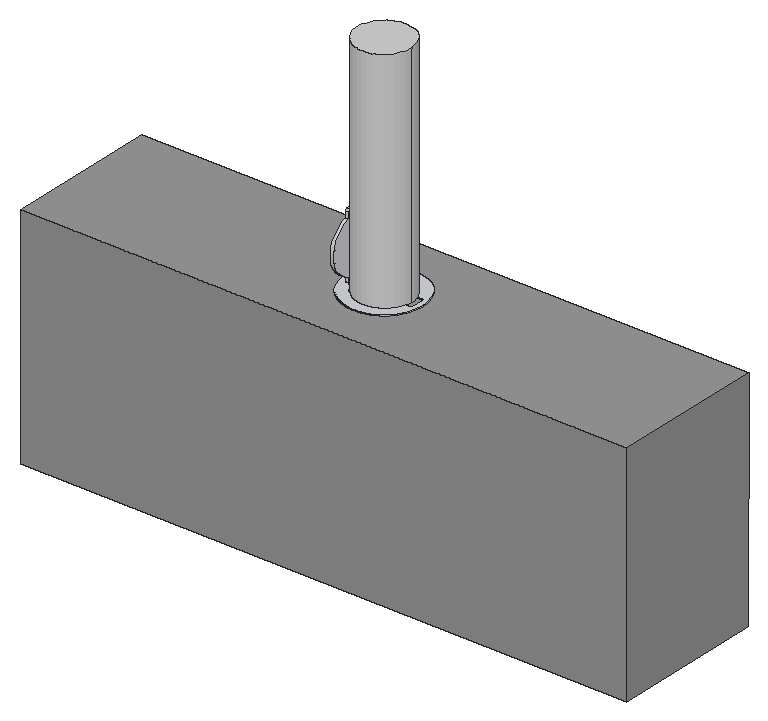
Revit family "Bollard-1_800_Bollards-Low_Speed-Padlock_Removable-CS3", category Site, Revit 2017
Family settings
  Round Connector Dimension = Use Diameter
  Part Type = Normal
  OmniClass Number = 23.15.10.11.21
  OmniClass Title = Traffic Safety Barriers and Protections
  Work Plane-Based = No
  Always vertical = Yes
  Cut with Voids When Loaded = No
  Shared = No
Parameters (values of type "8 in 30 mph")
  URL = "https://1800bollards.com/"
  Type Comments = if([6 in Bollard], "6 in 20 mph Low Speed Crash Tested Bollard", if([8 in Bollard], "8 in 30 mph Low Speed Crash Tested Bollard", "4 in 10 mph Low Speed Crash Tested Bollard"))  # "8 in 30 mph Low Speed Crash Tested Bollard"
  Thickness = if([6 in Bollard], 0' 6 159/256", if([8 in Bollard], 0' 8 159/256", 0' 4 1/2"))  # 0' - 8 159/256"
  Stainless Steel = not(Carbon Steel)  # yes
  Sloped Offset [instance] = if(Sloped, 0' 0", Thickness)  # 0' - 8 159/256"
  Sloped [instance] = no
  Reveal Offset [instance] = if(Reveal, 0' 2 179/256", 0' 0")  # 0' - 0"
  Reveal [instance] = no
  Rebar by others = yes
  Product Page URL = "https://1800bollards.com/20-mph-low-speed-crash-tested-bollards/"
  Product Name = "Low Speed Crash Tested Bollards"  # constant formula
  Product Documentation Link = "https://1800bollards.com/20-mph-low-speed-crash-tested-bollards/"
  Model = "Padlock Removable Low Speed Crash Tested Bollard"  # constant formula
  Manufacturer = "1-800-BOLLARDS"  # constant formula
  Height Below Grade = 1' - 5 1/4"  # constant formula
  Height = 3' - 0"  # constant formula
  Foundation Width = 2' - 0"  # constant formula
  Foundation Length = if([4 in Bollard], 5' 0", 8' 0")  # 8' - 0"
  Foundation Depth = 3' - 0"  # constant formula
  Flat [instance] = not(or(or(Dome, Reveal, Sloped)))  # yes
  Finish = Metal-1_800_Bollards-Stainless_Steel
  Dome Offset [instance] = if(Dome, 0' 0", Dome Height + 0' 1")  # 0' - 3.4887"
  Dome Height = Bollard Radius * tan(30.00°)  # 0' - 2.4887"
  Dome [instance] = no
  Description = if(Carbon Steel, "Carbon Steel Padlock Low Speed Removable Bollard", "Stainless Steel Padlock Low Speed Removable Bollard")  # "Stainless Steel Padlock Low Speed Removable Bollard"
  Concrete by others = yes
  Concrete Finish by others = Concrete, Lightweight
  Carbon Steel = no
  Bollard Radius = Thickness / 2  # 0' - 4.31055"
  Bollard Cap Radius = Bollard Radius + 0' 1 215/256"  # 0' - 6.15039"
  Assembly Code = "G2020400"
  8 in Bollard = yes
  6 in Bollard = no
  4 in Bollard = not(or([6 in Bollard], [8 in Bollard]))  # no
Reference planes (in)
  plane 1 "Center (Front/Back)": y = 0
  plane 2: z = 0
  plane 3 "Center (Left/Right)": x = 0
  plane 4 "Top": z = 36
  plane 5 "Bottom": z = -17.25
  plane 6 "Right": x = 4.31055
  plane 7 "Left": x = -4.31055
  plane 8 "Back": y = 4.31055
  plane 9 "Front": y = -4.31055
Forms (in)
  Extrusion 1, solid, material "Metal-1_800_Bollards-Stainless_Steel" <- "Finish", detail levels medium+fine
    sketch origin (0, 0, 0) x (1, 0, 0) y (0, 1, 0)
      loop
        circle (0, 0) r 4.31055
    from -17.25 to 36
  Extrusion 2, solid, material "Metal-1_800_Bollards-Stainless_Steel" <- "Finish", detail levels coarse
    sketch origin (0, 0, 0) x (1, 0, 0) y (0, 1, 0)
      loop
        line (-4.31055, 4.31055) -> (-4.31055, -4.31055) -> (4.31055, -4.31055) -> (4.31055, 4.31055) -> (-4.31055, 4.31055)
    from -17.25 to 36
  Extrusion 3, void
    sketch origin (0, 0, 0) x (0, 1, 0) y (0, 0, 1)
      loop
        line (-4.31055, 44.62109) -> (4.31055, 38.58454) -> (4.31055, 44.62109) -> (-4.31055, 44.62109)
    from -4.31055 to 4.31055
  Revolve 4, void
    sketch origin (0, 0, 0.125) x (1, 0, 0) y (0, 0, 1)
      loop
        line (4.1567, 37.125) -> (4.1567, 35.875) -> (4.31055, 35.875) -> (4.31055, 37.125) -> (4.1567, 37.125)
      axis (0, 35.875) -> (0, 37.125)
    angle from 0 to 360
  Revolve 5, void
    sketch origin (0, 0, 0) x (1, 0, 0) y (0, 0, 1)
      loop
        line (4.31055, 37) -> (4.31055, 39.4887) -> (0, 39.4887)
        arc (0, 39.4887) -> (2.4887, 38.82185) -> (4.31055, 37) r 4.97739
      axis (0, 39.4887) -> (0, 37)
    angle from 0 to 360
  Extrusion 6, solid, material "Concrete, Lightweight" <- "Concrete Finish by others", visible <- "Concrete by others"
    sketch origin (0, 0, 0) x (0, 1, 0) y (0, 0, 1)
      loop
        line (12, 0) -> (-12, 0) -> (-12, -36) -> (12, -36) -> (12, 0)
    from -48 to 48
Cuts and joins
  Extrusion 3, Revolve 4, Revolve 5 cuts Extrusion 1
Dimensions and locks (in)
  "Height": plane 4 "Top" to level
  "Height Below Grade": level to plane 5 "Bottom"
  "Thickness": plane 7 "Left" to plane 6 "Right"
  "Thickness": plane 9 "Front" to plane 8 "Back"
  equal spacing: plane 9 "Front", plane 1 "Center (Front/Back)", plane 8 "Back"
  equal spacing: plane 7 "Left", plane 3 "Center (Left/Right)", plane 6 "Right"
  "Sloped Offset": Extrusion 3 sketch curve to plane 4 "Top"
  plane 6 "Right" to Revolve 4 sketch curve to Revolve 4 sketch curve = 0' - 0" locked, 0' - 0.15385" locked
  "Reveal Offset": plane 4 "Top" to Revolve 4 sketch curve
  locked: Revolve 4 sketch curve to Revolve 4 sketch curve at 1.25
  "Dome Offset": Revolve 5 sketch curve to plane 4 "Top"
  "Dome Height": Revolve 5 sketch curve to Revolve 5 sketch curve
  "Foundation Depth": Extrusion 6 to level
  "Foundation Width": Extrusion 6 to Extrusion 6
  equal spacing: Extrusion 6, plane 1 "Center (Front/Back)", Extrusion 6
  equal spacing: Extrusion 6, plane 3 "Center (Left/Right)", Extrusion 6
  "Foundation Length": Extrusion 6 to Extrusion 6
  locked: plane 1 "Center (Front/Back)" to nested 3 at 12
  locked: plane 3 "Center (Left/Right)" to Extrusion 1 sketch curve at 0
  locked: plane 1 "Center (Front/Back)" to Extrusion 1 sketch curve at 0
  "Bollard Radius": radius of Extrusion 1 sketch curve
  locked: Extrusion 3 sketch curve to plane 4 "Top" (angle 35.00°)
  aligned and locked: plane 2 to level
  aligned and locked: plane 4 "Top" to Extrusion 1
  aligned and locked: plane 8 "Back" to Extrusion 2 sketch curve
  aligned and locked: plane 7 "Left" to Extrusion 2 sketch curve
  aligned and locked: Extrusion 2 sketch curve to plane 9 "Front"
  aligned and locked: Extrusion 2 sketch curve to plane 6 "Right"
  aligned and locked: plane 4 "Top" to Extrusion 2
  aligned and locked: Revolve 4 sketch curve to plane 3 "Center (Left/Right)"
  aligned and locked: plane 6 "Right" to Revolve 5 sketch curve
  aligned and locked: plane 3 "Center (Left/Right)" to Revolve 5 sketch curve
  aligned and locked: plane 5 "Bottom" to Extrusion 1
  aligned and locked: plane 6 "Right" to Extrusion 3
  aligned and locked: Extrusion 3 to plane 7 "Left"
  aligned and locked: Extrusion 3 sketch curve to plane 8 "Back"
  aligned and locked: plane 9 "Front" to Extrusion 3 sketch curve
  aligned and locked: plane 5 "Bottom" to Extrusion 2
  aligned and locked: nested 2 to plane 1 "Center (Front/Back)"
  aligned and locked: nested 2 to level
  aligned and locked: nested 1 to level
  aligned and locked: nested 2 to Extrusion 6 sketch curve
  aligned and locked: plane 3 "Center (Left/Right)" to nested 3
  aligned and locked: nested 4 to level
  aligned and locked: plane 3 "Center (Left/Right)" to nested 4
  aligned and locked: plane 1 "Center (Front/Back)" to nested 4
Automatic sketch dimensions
  plane 9 "Front" to Extrusion 6 sketch curve = 0' - 7.68945"
  Extrusion 6 sketch curve to plane 8 "Back" = 0' - 7.68945"
  plane 5 "Bottom" to Extrusion 6 sketch curve = 1' - 6 3/4"
  Revolve 4 sketch curve to plane 4 "Top" = 0' - 0.67477"
  Revolve 4 sketch curve to Revolve 4 sketch curve = 0' - 0.45023"
  Revolve 5 sketch curve to plane 3 "Center (Left/Right)" = 0' - 0"
  Revolve 5 sketch curve to Revolve 5 sketch curve = 0' - 0.90788"
  Revolve 5 sketch curve to Revolve 5 sketch curve = 0' - 0 5/8"
Nested families (in)
  nested 1: "Nested-1_800_Bollards-Low_Speed-Removable-Mounting_Detail" at (0, 0, 0) x (1, 0, 0) z (0, -1, 0), type "Mounting Detail Front View"
  nested 2: "Nested-1_800_Bollards-Low_Speed-Removable-Mounting_Detail" at (0, 0, 0) x (0, 1, 0) z (1, 0, 0), type "Mounting Detail Side View"
  nested 3: "Nested-1_800_Bollards-Low_Speed-Mounting_Detail_Top" at (0, 12, 0), type "Bollard Top View"
  nested 4: "Nested-1-800-Bollards-Cover" at (-4.56836, 0, 0), type "Cover"
    with Bollard Radius 0' - 4.31055", Bollard Insert 0' - 4.56836", Bollard Cap Radius 0' - 6.15039"
Definition of nested family "Nested-1-800-Bollards-Cover"
  Parameters (values of type "Cover")
    URL = "https://1800bollards.com/"
    Type Comments = "For use with 1-800-Bollards Models Only"  # constant formula
    Padlock = yes
    Model = "Cover"  # constant formula
    Manufacturer = "1-800-Bollards"  # constant formula
    Finish = none
    Description = "Removable Hole Cover"  # constant formula
    Bollard Radius = 0' - 3.31055"
    Bollard Insert = Bollard Radius + 0' 0 33/128"  # 0' - 3.56836"
    Bollard Cap Radius = Bollard Radius + 0' 1 215/256"  # 0' - 5.15039"
  Reference planes (in)
    plane 1 "Center (Front/Back)": y = 0
    plane 2: z = 0
    plane 3 "Center (Left/Right)": x = 0
    plane 4 "Insert": x = 3.56836
  Forms (in)
    Extrusion 1, solid, material <- "Finish", detail levels medium+fine
      sketch origin (6.51405, -0.00005, 0) x (0, 1, 0) y (0, 0, 1)
        loop
          arc (1.21383, 0.94738) -> (3.32048, 4.03127) -> (1.21383, 7.11515) r 3.31055
          line (1.21383, 7.11515) -> (1.21383, 8.08128)
          arc (1.21383, 8.08128) -> (1.14567, 8.24583) -> (0.98112, 8.31399) r 0.23271
          line (0.98112, 8.31399) -> (-0.98101, 8.31399)
          arc (-0.98101, 8.31399) -> (-1.14556, 8.24583) -> (-1.21372, 8.08128) r 0.23271
          line (-1.21372, 8.08128) -> (-1.21372, 7.11515)
          arc (-1.21372, 7.11515) -> (-3.32037, 4.03127) -> (-1.21372, 0.94738) r 3.31055
          line (-1.21372, 0.94738) -> (-1.21372, 0) -> (1.21383, 0) -> (1.21383, 0.94738)
      from -7.02854 to -6.51405
    Revolve 2, solid, material <- "Finish", visible <- "Padlock", detail levels fine
      sketch origin (-0.51449, -0.00207, -0.00238) x (0, 1, 0) y (0, 0, 1)
        loop
          arc (-0.47364, 7.6877) -> (-0.62902, 7.53232) -> (-0.47364, 7.37694) r 0.15538
          line (-0.47364, 7.37694) -> (-0.35666, 7.37694) -> (-0.35666, 7.6877) -> (-0.47364, 7.6877)
        axis (0, 7.6877) -> (0, 7.37694)
      angle from 0 to 180
    Extrusion 3, solid, material <- "Finish", detail levels coarse
      sketch origin (0, 0, 0) x (1, 0, 0) y (0, 1, 0)
        loop
          line (-1.57848, 5.15039) -> (-1.57848, -5.15039) -> (8.66717, -5.15039) -> (8.66717, 5.15039) -> (-1.57848, 5.15039)
        loop
          line (0.25781, 3.31055) -> (0.25781, -3.31055) -> (6.87891, -3.31055) -> (6.87891, 3.31055) -> (0.25781, 3.31055)
      from 0 to 0.09354
    Extrusion 4, solid, material <- "Finish", detail levels medium+fine
      sketch origin (0, 0, 0) x (1, 0, 0) y (0, 1, 0)
        loop
          circle (3.51678, 0) r 5.15039
        loop
          line (7.56679, 1.22365) -> (6.70382, 1.22365)
          arc (6.70382, 1.22365) -> (3.56836, 3.47184) -> (0.4329, 1.22365) r 3.31055
          line (0.4329, 1.22365) -> (-0.51449, 1.22365) -> (-0.51449, -1.2039) -> (0.42628, -1.2039)
          arc (0.42628, -1.2039) -> (3.56836, -3.47184) -> (6.71044, -1.2039) r 3.31055
          line (6.71044, -1.2039) -> (7.56679, -1.2039)
          arc (7.56679, -1.2039) -> (7.73135, -1.13574) -> (7.7995, -0.97119) r 0.23271
          line (7.7995, -0.97119) -> (7.7995, 0.99094)
          arc (7.7995, 0.99094) -> (7.73135, 1.15549) -> (7.56679, 1.22365) r 0.23271
      from 0 to 0.09354
  Dimensions and locks (in)
    Extrusion 1 sketch curve to Extrusion 1 sketch curve to Extrusion 1 sketch curve = 0' - 0" locked, 0' - 1.19884" locked
    Extrusion 1 sketch curve to Extrusion 1 sketch curve to Extrusion 1 sketch curve to level = 0' - 0" locked, 0' - 0.94738" locked, 0' - 0" locked
    Extrusion 1 sketch curve to Extrusion 1 sketch curve to plane 1 "Center (Front/Back)" to Extrusion 1 sketch curve to Extrusion 1 sketch curve = 0' - 0" locked, 0' - 1.21377" locked, 0' - 1.21377" locked, 0' - 0" locked
    Extrusion 1 to Extrusion 1 = 0' - 0.51449"
    plane 1 "Center (Front/Back)" to Revolve 2 sketch curve to Revolve 2 sketch curve = 0' - 0.35873" locked, 0' - 0.27236" locked
    Extrusion 1 to Revolve 2 sketch curve to Revolve 2 sketch curve = 0' - 0.62867" locked, 0' - 0.31076" locked
    Extrusion 4 sketch curve to Extrusion 4 sketch curve to plane 1 "Center (Front/Back)" to Extrusion 4 sketch curve to Extrusion 4 sketch curve = 0' - 0" locked, 0' - 1.2039" locked, 0' - 1.22365" locked, 0' - 0" locked
    Extrusion 4 sketch curve to plane 3 "Center (Left/Right)" to Extrusion 4 sketch curve = 0' - 0.51449" locked, 0' - 0.4329" locked
    "Bollard Cap Radius": plane 1 "Center (Front/Back)" to Extrusion 3 sketch curve  (x2)
    locked: Extrusion 3 sketch curve to Extrusion 4
    locked: Extrusion 3 sketch curve to plane 3 "Center (Left/Right)" at 1.57848
    Extrusion 4 sketch curve to Extrusion 4 sketch curve to Extrusion 4 sketch curve = 0' - 0.00662" locked, 0' - 1.08906" locked
    "Bollard Insert": plane 3 "Center (Left/Right)" to plane 4 "Insert"
    "Bollard Radius": Extrusion 3 sketch curve to plane 4 "Insert"
    "Bollard Radius": plane 4 "Insert" to Extrusion 3 sketch curve
    "Bollard Radius": plane 1 "Center (Front/Back)" to Extrusion 3 sketch curve
    "Bollard Radius": Extrusion 3 sketch curve to plane 1 "Center (Front/Back)"
    Extrusion 3 to Extrusion 4 to level = 0' - 0" locked, 0' - 0.09354" locked
    locked: Extrusion 1 to plane 3 "Center (Left/Right)" at 0.51449
    "Bollard Radius": radius of Extrusion 1 sketch curve  (x2)
    "Bollard Radius": radius of Extrusion 4 sketch curve
    "Bollard Cap Radius": radius of Extrusion 4 sketch curve
    aligned and locked: plane 2 to level
    aligned and locked: Extrusion 3 to level
    aligned and locked: Extrusion 4 to level
    aligned and locked: plane 3 "Center (Left/Right)" to Extrusion 1
  Automatic sketch dimensions
    Revolve 2 sketch curve to Extrusion 1 = 0' - 0.38736"
    Revolve 2 sketch curve to Revolve 2 sketch curve = 0' - 0.35666"
    Revolve 2 sketch curve to Revolve 2 sketch curve = 0' - 2.83349"
    Extrusion 1 sketch curve to Extrusion 1 sketch curve = 0' - 0.23271"  (x2)
    plane 1 "Center (Front/Back)" to Extrusion 1 sketch curve = 0' - 0.00987"
    plane 1 "Center (Front/Back)" to Extrusion 4 sketch curve = 0' - 0"
    Extrusion 4 sketch curve to plane 4 "Insert" = 0' - 0"  (x2)
    Extrusion 4 sketch curve to plane 4 "Insert" = 0' - 0.05158"
    Extrusion 4 sketch curve to Extrusion 4 sketch curve = 0' - 0.23271"  (x2)
    plane 1 "Center (Front/Back)" to Extrusion 4 sketch curve = 0' - 0.16129"
Definition of nested family "Nested-1_800_Bollards-Low_Speed-Removable-Mounting_Detail"
  Parameters (values of type "Mounting Detail Side View")
    Width = 2' - 0"
    Warranty = ""
    URL = "https://1800bollards.com/"
    Type Comments = "For use with 1-800-Bollards Models Only"  # constant formula
    Side View Rebar 8 in Bollard = and(and(Side View Rebar, Bollard Width > 0' 7", Rebar by others))  # yes
    Side View Rebar = and(Side View, Rebar by others)  # yes
    Side View = yes
    Rebar by others = yes
    Rebar Spacing = if(Width > 5' 0", 1' 0", 0' 10")  # 0' - 10"
    Rebar Half Quantity = if(Width > 5' 0", 4, 3)  # 3
    Product Page URL = "https://1800bollards.com/20-mph-low-speed-crash-tested-bollards/"
    Product Name = "Low Speed Crash Tested Bollards"  # constant formula
    Product Documentation Link = "https://1800bollards.com/20-mph-low-speed-crash-tested-bollards/"
    Model = "Padlock Removable Bollard Mounting Detail"  # constant formula
    Manufacturer = "1-800-BOLLARDS"  # constant formula
    Lid Height = Bollard Width + 0' 1 233/256"  # 0' - 10 17/32"
    Lid Depth = Bollard Width + 0' 8 9/128"  # 1' - 4 177/256"
    Front View Rebar 8 in Bollard = and(and(Front View Rebar, Bollard Width > 0' 7", Rebar by others))  # no
    Front View Rebar = and(Front View, Rebar by others)  # no
    Front View = not(Side View)  # no
    Description = "Low Speed Padlock Removable Bollard"  # constant formula
    Depth = 3' - 0"
    Concrete by others = yes
    Center Spacing = 0' - 8.17511"
    Bollard Width = 0' - 8 159/256"
    Bollard Radius = Bollard Width / 2  # 0' - 4.31055"
    Bollard Depth = 1' - 5 1/4"
  Types (2): name | Width | Side View Rebar 8 in Bollard | Side View Rebar | Side View | Rebar Spacing | Rebar Half Quantity | Front View Rebar 8 in Bollard | Front View Rebar | Front View
    Mounting Detail Front View | 8' - 0" | no | no | no | 1' - 0" | 4 | yes | yes | yes
    Mounting Detail Side View | 2' - 0" | yes | yes | yes | 0' - 10" | 3 | no | no | no
  Reference planes (in)
    plane 1 "Top": y = 0
    plane 2: z = 0
    plane 3 "Center (Left/Right)": x = 0
    plane 4 "Bottom": y = -36
    plane 5 "Left": x = -12
    plane 6 "Right": x = 12
  Lines and regions (in)
    Filled region 1, type "Concrete", in view "Ref. Level", visible <- "Concrete by others", detail levels medium+fine
      outline origin (0, 0, 0) x (1, 0, 0) y (0, 1, 0)
        loop
          line (-12, 0) -> (-12, -36) -> (12, -36) -> (12, 0) -> (-12, 0)
    Masking region 1, in view "Ref. Level", visible <- "Concrete by others", detail levels coarse
      outline origin (0, 0, 0) x (1, 0, 0) y (0, 1, 0)
        loop
          line (-12, 0) -> (-12, -36) -> (12, -36) -> (12, 0) -> (-12, 0)
    Masking region 2, in view "Ref. Level", visible <- "Front View Rebar", detail levels fine
      outline origin (-10.5, -10.23741, 0) x (-1, 0, 0) y (0, -1, 0)
        loop
          line (-19.46125, -6.98) -> (-19.46125, -7.48) -> (-0.96125, -7.48) -> (-0.96125, -6.98) -> (-19.46125, -6.98)
        loop
          line (-0.96125, 22.5) -> (-0.96125, 23) -> (-19.46125, 23) -> (-19.46125, 22.5) -> (-0.96125, 22.5)
        loop
          line (-19.46125, -5.74) -> (-19.46125, -6.24) -> (-0.96125, -6.24) -> (-0.96125, -5.74) -> (-19.46125, -5.74)
        loop
          line (-19.46125, 3.26) -> (-19.46125, 2.76) -> (-0.96125, 2.76) -> (-0.96125, 3.26) -> (-19.46125, 3.26)
        loop
          line (-19.46125, 12.26) -> (-19.46125, 11.76) -> (-0.96125, 11.76) -> (-0.96125, 12.26) -> (-19.46125, 12.26)
        loop
          line (-19.46125, 21.26) -> (-19.46125, 20.76) -> (-0.96125, 20.76) -> (-0.96125, 21.26) -> (-19.46125, 21.26)
    Masking region 3, in view "Ref. Level", visible <- "Side View", detail levels fine
      outline origin (41.63405, -6.88802, 0) x (1, 0, 0) y (0, 1, 0)
        loop
          line (-42.84777, 17.07956) -> (-42.84777, 16.11343)
          arc (-42.84777, 16.11343) -> (-45.95442, 11.97442) -> (-42.84777, 7.8354) r 4.31055
          line (-42.84777, 7.8354) -> (-42.84777, 6.88802) -> (-40.42022, 6.88802) -> (-40.42022, 7.8354)
          arc (-40.42022, 7.8354) -> (-37.31357, 11.97442) -> (-40.42022, 16.11343) r 4.31055
          line (-40.42022, 16.11343) -> (-40.42022, 17.07956)
          arc (-40.42022, 17.07956) -> (-40.48838, 17.24411) -> (-40.65293, 17.31227) r 0.23271
          line (-40.65293, 17.31227) -> (-42.61506, 17.31227)
          arc (-42.61506, 17.31227) -> (-42.77961, 17.24411) -> (-42.84777, 17.07956) r 0.23271
    Masking region 4, in view "Ref. Level", visible <- "Front View", detail levels fine
      outline origin (42.50143, -5.42558, 0) x (1, 0, 0) y (0, 1, 0)
        loop
          line (-50.84713, 5.10016) -> (-44.07028, 5.10016) -> (-44.07028, 4.15277) -> (-40.93258, 4.15277) -> (-40.93258, 5.10016) -> (-34.15573, 5.10016) -> (-34.15573, 5.42558) -> (-50.84713, 5.42558) -> (-50.84713, 5.10016)
    Masking region 5, in view "Ref. Level", visible <- "Side View", detail levels fine
      outline origin (18.69205, -3.74323, 0) x (1, 0, 0) y (0, 1, 0)
        loop
          line (-27.03775, 3.21883) -> (-25.35993, 3.21883) -> (-25.35993, 1.69217) -> (-23.88748, 1.69217) -> (-23.88748, 3.21883) -> (-10.34635, 3.21883) -> (-10.34635, 3.74323) -> (-27.03775, 3.74323) -> (-27.03775, 3.21883)
    Masking region 6, in view "Ref. Level", visible <- "Front View Rebar", detail levels fine
      outline origin (19.19753, -54.75767, 0) x (1, 0, 0) y (0, 1, 0)
        loop
          line (-28.20993, 21.02026) -> (-27.70993, 21.02026) -> (-27.70993, 52.13962) -> (-27.62264, 52.13962) -> (-27.62264, 21.02026) -> (-27.37264, 21.02026) -> (-27.12264, 21.02026) -> (-27.12264, 52.49602) -> (-28.20993, 52.49602) -> (-28.20993, 21.02026)
    Masking region 7, in view "Ref. Level", visible <- "Front View Rebar", detail levels fine
      outline origin (36.13503, -54.75767, 0) x (1, 0, 0) y (0, 1, 0)
        loop
          line (-28.79721, 21.02026) -> (-28.29721, 21.02026) -> (-28.29721, 52.13962) -> (-28.20993, 52.13962) -> (-28.20993, 21.02026) -> (-27.95993, 21.02026) -> (-27.70993, 21.02026) -> (-27.70993, 52.49602) -> (-28.79721, 52.49602) -> (-28.79721, 21.02026)
    Masking region 8, in view "Ref. Level", visible <- "Front View Rebar", detail levels fine
      outline origin (36.13503, -54.75767, 0) x (1, 0, 0) y (0, 1, 0)
        loop
          line (-18.79721, 21.02026) -> (-18.29721, 21.02026) -> (-18.29721, 52.13962) -> (-18.20993, 52.13962) -> (-18.20993, 21.02026) -> (-17.95993, 21.02026) -> (-17.70993, 21.02026) -> (-17.70993, 52.49602) -> (-18.79721, 52.49602) -> (-18.79721, 21.02026)
    Masking region 9, in view "Ref. Level", visible <- "Front View Rebar", detail levels fine
      outline origin (36.13503, -54.75767, 0) x (1, 0, 0) y (0, 1, 0)
        loop
          line (-8.79721, 21.02026) -> (-8.29721, 21.02026) -> (-8.29721, 52.13962) -> (-8.20993, 52.13962) -> (-8.20993, 21.02026) -> (-7.95993, 21.02026) -> (-7.70993, 21.02026) -> (-7.70993, 52.49602) -> (-8.79721, 52.49602) -> (-8.79721, 21.02026)
    Masking region 10, in view "Ref. Level", visible <- "Front View Rebar", detail levels fine
      outline origin (19.19753, -54.75767, 0) x (1, 0, 0) y (0, 1, 0)
        loop
          line (-38.20993, 21.02026) -> (-37.70993, 21.02026) -> (-37.70993, 52.13962) -> (-37.62264, 52.13962) -> (-37.62264, 21.02026) -> (-37.37264, 21.02026) -> (-37.12264, 21.02026) -> (-37.12264, 52.49602) -> (-38.20993, 52.49602) -> (-38.20993, 21.02026)
    Masking region 11, in view "Ref. Level", visible <- "Front View Rebar", detail levels fine
      outline origin (19.19753, -54.75767, 0) x (1, 0, 0) y (0, 1, 0)
        loop
          line (-48.20993, 21.02026) -> (-47.70993, 21.02026) -> (-47.70993, 52.13962) -> (-47.62264, 52.13962) -> (-47.62264, 21.02026) -> (-47.37264, 21.02026) -> (-47.12264, 21.02026) -> (-47.12264, 52.49602) -> (-48.20993, 52.49602) -> (-48.20993, 21.02026)
    Masking region 12, in view "Ref. Level", visible <- "Front View Rebar", detail levels fine
      outline origin (-122.73384, 0, 0) x (1, 0, 0) y (0, 1, 0)
        loop
          line (93.00623, -4.74) -> (93.00623, -5.24) -> (151.91894, -5.24) -> (151.91894, -4.74) -> (93.00623, -4.74)
        loop
          line (93.00623, -7.74) -> (93.00623, -8.24) -> (151.91894, -8.24) -> (151.91894, -7.74) -> (93.00623, -7.74)
        loop
          line (93.00623, -9.74) -> (93.00623, -10.24) -> (151.91894, -10.24) -> (151.91894, -9.74) -> (93.00623, -9.74)
        loop
          line (93.00623, -12.74) -> (93.00623, -13.24) -> (151.91894, -13.24) -> (151.91894, -12.74) -> (93.00623, -12.74)
    Masking region 13, in view "Ref. Level", visible <- "Front View Rebar 8 in Bollard", detail levels fine
      outline origin (-122.73384, -3, 0) x (1, 0, 0) y (0, 1, 0)
        loop
          line (93.00623, -12.74) -> (93.00623, -13.24) -> (151.91894, -13.24) -> (151.91894, -12.74) -> (93.00623, -12.74)
    Masking region 14, in view "Ref. Level", visible <- "Side View Rebar", detail levels fine
      outline origin (0, 0, 0) x (1, 0, 0) y (0, 1, 0)
        loop
          line (6.99, -1.5) -> (-7.01, -1.5)
          arc (-7.01, -1.5) -> (-8.42421, -2.08579) -> (-9.01, -3.5) r 2
          line (-9.01, -3.5) -> (-9.01, -31)
          arc (-9.01, -31) -> (-8.42421, -32.41421) -> (-7.01, -33) r 2
          line (-7.01, -33) -> (6.99, -33)
          arc (6.99, -33) -> (8.40421, -32.41421) -> (8.99, -31) r 2
          line (8.99, -31) -> (8.99, -3.5)
          arc (8.99, -3.5) -> (8.40421, -2.08579) -> (6.99, -1.5) r 2
        loop
          arc (-7.01, -2) -> (-8.07066, -2.43934) -> (-8.51, -3.5) r 1.5
          line (-8.51, -3.5) -> (-8.51, -31)
          arc (-8.51, -31) -> (-8.07066, -32.06066) -> (-7.01, -32.5) r 1.5
          line (-7.01, -32.5) -> (6.99, -32.5)
          arc (6.99, -32.5) -> (8.05066, -32.06066) -> (8.49, -31) r 1.5
          line (8.49, -31) -> (8.49, -3.5)
          arc (8.49, -3.5) -> (8.05066, -2.43934) -> (6.99, -2) r 1.5
          line (6.99, -2) -> (-7.01, -2)
    Masking region 15, in view "Ref. Level", visible <- "Side View Rebar", detail levels fine
      outline origin (-153.00217, -89.31846, 0) x (1, 0, 0) y (0, 1, 0)
        loop
          line (144.26217, 84.55846) -> (144.26217, 84.05846) -> (159.00217, 84.05846) -> (159.00217, 84.55846) -> (144.26217, 84.55846)
        loop
          line (144.26217, 81.55846) -> (144.26217, 81.05846) -> (159.00217, 81.05846) -> (159.00217, 81.55846) -> (144.26217, 81.55846)
        loop
          line (147.00043, 79.55846) -> (147.00043, 79.05846) -> (161.76217, 79.05846) -> (161.76217, 79.55846) -> (147.00043, 79.55846)
        loop
          line (147.00043, 76.55846) -> (147.00043, 76.05846) -> (161.76217, 76.05846) -> (161.76217, 76.55846) -> (147.00043, 76.55846)
    Masking region 16, in view "Ref. Level", visible <- "Side View Rebar 8 in Bollard", detail levels fine
      outline origin (-153.00217, -89.31846, 0) x (1, 0, 0) y (0, 1, 0)
        loop
          line (147.00043, 73.55846) -> (147.00043, 73.05846) -> (161.76217, 73.05846) -> (161.76217, 73.55846) -> (147.00043, 73.55846)
    Masking region 17, in view "Ref. Level", visible <- "Side View Rebar", detail levels fine
      outline origin (0, 0, 0) x (1, 0, 0) y (0, 1, 0)
        loop
          line (-5.5, -1.76) -> (-5.5, -32.76) -> (-5, -32.76) -> (-5, -1.76) -> (-5.5, -1.76)
        loop
          line (5, -1.76) -> (5, -32.76) -> (5.5, -32.76) -> (5.5, -1.76) -> (5, -1.76)
    Masking region 18, in view "Ref. Level", detail levels medium+fine
      outline origin (0, 0, 0) x (1, 0, 0) y (0, 1, 0)
        loop
          line (-1.01, -35.86) -> (0.99, -35.86) -> (0.99, -17.25) -> (-1.01, -17.25) -> (-1.01, -35.86)
    Masking region 19, in view "Ref. Level", detail levels medium+fine
      outline origin (0, 0, 0) x (1, 0, 0) y (0, 1, 0)
        loop
          line (-4.5918, 0) -> (-4.5918, -17.25) -> (4.5918, -17.25) -> (4.5918, 0) -> (-4.5918, 0)
    Masking region 20, in view "Ref. Level", visible <- "Side View", detail levels fine
      outline origin (41.63405, -4.54427, 0) x (1, 0, 0) y (0, 1, 0)
        loop
          line (-42.10769, 13.4988) -> (-42.10769, 12.24087) -> (-41.1603, 12.24087) -> (-41.1603, 13.4988) -> (-41.47128, 13.4988) -> (-41.47128, 14.03147) -> (-41.1603, 14.03147)
          arc (-41.1603, 14.03147) -> (-41.00492, 14.18685) -> (-41.1603, 14.34223) r 0.15538
          line (-41.1603, 14.34223) -> (-41.47128, 14.34223) -> (-41.47128, 14.59412)
          arc (-41.47128, 14.59412) -> (-41.634, 14.75683) -> (-41.79671, 14.59412) r 0.16271
          line (-41.79671, 14.59412) -> (-41.79671, 14.34223) -> (-42.10769, 14.34223)
          arc (-42.10769, 14.34223) -> (-42.26307, 14.18685) -> (-42.10769, 14.03147) r 0.15538
          line (-42.10769, 14.03147) -> (-41.79671, 14.03147) -> (-41.79671, 13.4988) -> (-42.10769, 13.4988)
    Masking region 21, in view "Ref. Level", visible <- "Front View", detail levels fine
      outline origin (-44.2741, 10.32985, 0) x (1, 0, 0) y (0, 1, 0)
        loop
          line (37.29143, -10.32985) -> (37.79003, -10.32985) -> (39.96356, 0.2014) -> (39.50007, 0.2014) -> (39.33958, -0.56447) -> (38.48323, -0.56447) -> (38.48323, -0.9158) -> (39.26596, -0.9158) -> (37.29143, -10.32985)
    detail lines, in view "Ref. Level", detail levels medium+fine
      curve 1: line (-4.31055, 0, 0) -> (-4.31055, -17.25, 0)
      curve 2: line (4.31055, -17.25, 0) -> (4.31055, 0, 0)
  Dimensions and locks (in)
    "Depth": plane 4 "Bottom" to plane 1 "Top"
    "Width": plane 5 "Left" to plane 6 "Right"
    equal spacing: plane 5 "Left", plane 3 "Center (Left/Right)", plane 6 "Right"
    equal spacing: curve 1, plane 3 "Center (Left/Right)", curve 2
    "Bollard Width": curve 1 to curve 2
    plane 1 "Top" to Masking region 2 sketch curve to Masking region 2 sketch curve to Masking region 2 sketch curve to Masking region 2 sketch curve to Masking region 2 sketch curve to Masking region 2 sketch curve to Masking region 2 sketch curve to Masking region 2 sketch curve to Masking region 2 sketch curve to Masking region 2 sketch curve to Masking region 2 sketch curve to Masking region 2 sketch curve = 0' - 2.75741" locked, 0' - 0 1/2" locked, 0' - 0.74" locked, 0' - 0 1/2" locked, 0' - 8 1/2" locked, 0' - 0 1/2" locked, 0' - 8 1/2" locked, 0' - 0 1/2" locked, 0' - 8 1/2" locked, 0' - 0 1/2" locked, 0' - 1.24" locked, 0' - 0 1/2" locked
    plane 5 "Left" to Masking region 2 sketch curve to Masking region 2 sketch curve to Masking region 2 sketch curve to Masking region 2 sketch curve to Masking region 2 sketch curve to Masking region 2 sketch curve = 0' - 2.46125" locked, 0' - 0" locked, 0' - 0" locked, 0' - 0" locked, 0' - 0" locked, 0' - 0" locked
    Masking region 2 sketch curve to Masking region 2 sketch curve to Masking region 2 sketch curve to Masking region 2 sketch curve to Masking region 2 sketch curve to Masking region 2 sketch curve to plane 6 "Right" = 0' - 0" locked, 0' - 0" locked, 0' - 0" locked, 0' - 0" locked, 0' - 0" locked, 0' - 3.03875" locked
    Masking region 5 sketch curve to Masking region 5 sketch curve to Masking region 5 sketch curve = 0' - 1.67782", 0' - 1.47245" locked
    Masking region 5 sketch curve to Masking region 5 sketch curve to Masking region 5 sketch curve to plane 1 "Top" to Masking region 5 sketch curve = 0' - 1.52666" locked, 0' - 0" locked, 0' - 0.5244" locked, 0' - 0" locked
    Masking region 3 sketch curve to Masking region 3 sketch curve to plane 3 "Center (Left/Right)" to Masking region 3 sketch curve to Masking region 3 sketch curve = 0' - 0" locked, 0' - 1.21372" locked, 0' - 1.21383" locked, 0' - 0" locked
    Masking region 3 sketch curve to plane 1 "Top" to Masking region 3 sketch curve to Masking region 3 sketch curve = 0' - 0" locked, 0' - 0.94738" locked, 0' - 0" locked
    Masking region 3 sketch curve to Masking region 3 sketch curve to Masking region 3 sketch curve = 0' - 1.19884" locked, 0' - 0" locked
    "Lid Depth": Masking region 4 sketch curve to Masking region 4 sketch curve
    Masking region 4 sketch curve to plane 3 "Center (Left/Right)" to Masking region 4 sketch curve = 0' - 1.56885" locked, 0' - 1.56885" locked
    Masking region 4 sketch curve to Masking region 4 sketch curve to plane 1 "Top" to Masking region 4 sketch curve = 0' - 0.94738" locked, 0' - 0.32542" locked, 0' - 0" locked
    "Lid Depth": Masking region 5 sketch curve to Masking region 5 sketch curve
    equal spacing: Masking region 5 sketch curve, plane 3 "Center (Left/Right)", Masking region 5 sketch curve
    equal spacing: Masking region 4 sketch curve, plane 3 "Center (Left/Right)", Masking region 4 sketch curve
    equal spacing: group 1, group 2, group 3  (x3)
    equal spacing: group 6, group 5, group 4
    equal spacing: group 4, group 5, group 6  (x2)
    "Center Spacing": Masking region 6 to plane 3 "Center (Left/Right)"
    "Rebar Spacing": Masking region 6 to Masking region 10
    "Center Spacing": plane 3 "Center (Left/Right)" to Masking region 7
    "Rebar Spacing": Masking region 8 to Masking region 7
    Masking region 7 sketch curve to Masking region 7 sketch curve to Masking region 7 sketch curve to Masking region 7 sketch curve = 0' - 0 1/2" locked, 0' - 0.08728" locked, 0' - 0 1/2" locked
    Masking region 7 sketch curve to Masking region 7 sketch curve to Masking region 7 sketch curve to Masking region 7 sketch curve = 0' - 0" locked, 2' - 7.11936" locked, 0' - 0.35641" locked
    Masking region 8 sketch curve to Masking region 8 sketch curve to Masking region 8 sketch curve to Masking region 8 sketch curve = 0' - 0 1/2" locked, 0' - 0.08728" locked, 0' - 0 1/2" locked
    Masking region 8 sketch curve to Masking region 8 sketch curve to Masking region 8 sketch curve to Masking region 8 sketch curve = 0' - 0" locked, 2' - 7.11936" locked, 0' - 0.35641" locked
    Masking region 9 sketch curve to Masking region 9 sketch curve to Masking region 9 sketch curve to Masking region 9 sketch curve = 0' - 0 1/2" locked, 0' - 0.08728" locked, 0' - 0 1/2" locked
    Masking region 9 sketch curve to Masking region 9 sketch curve to Masking region 9 sketch curve to Masking region 9 sketch curve = 0' - 0" locked, 2' - 7.11936" locked, 0' - 0.35641" locked
    Masking region 6 sketch curve to Masking region 6 sketch curve to Masking region 6 sketch curve to Masking region 6 sketch curve = 0' - 0 1/2" locked, 0' - 0.08728" locked, 0' - 0 1/2" locked
    Masking region 6 sketch curve to Masking region 6 sketch curve to Masking region 6 sketch curve to Masking region 6 sketch curve = 0' - 0" locked, 2' - 7.11936" locked, 0' - 0.35641" locked
    Masking region 10 sketch curve to Masking region 10 sketch curve to Masking region 10 sketch curve to Masking region 10 sketch curve = 0' - 0 1/2" locked, 0' - 0.08728" locked, 0' - 0 1/2" locked
    Masking region 10 sketch curve to Masking region 10 sketch curve to Masking region 10 sketch curve to Masking region 10 sketch curve = 0' - 0" locked, 2' - 7.11936" locked, 0' - 0.35641" locked
    Masking region 11 sketch curve to Masking region 11 sketch curve to Masking region 11 sketch curve to Masking region 11 sketch curve = 0' - 0 1/2" locked, 0' - 0.08728" locked, 0' - 0 1/2" locked
    Masking region 11 sketch curve to Masking region 11 sketch curve to Masking region 11 sketch curve to Masking region 11 sketch curve = 0' - 0" locked, 2' - 7.11936" locked, 0' - 0.35641" locked
    locked: Masking region 7 to plane 1 "Top" at 2.26165
    locked: Masking region 9 to plane 1 "Top" at 2.26165
    locked: Masking region 11 to plane 1 "Top" at 2.26165
    locked: Masking region 6 to plane 1 "Top" at 2.26165
    Masking region 6 to Masking region 7 = 1' - 4.35022"
    Masking region 12 sketch curve to Masking region 12 sketch curve to Masking region 12 sketch curve to Masking region 12 sketch curve to Masking region 11 = 0' - 0" locked, 0' - 0" locked, 0' - 0" locked, 0' - 0.71522" locked
    Masking region 9 to Masking region 12 sketch curve to Masking region 12 sketch curve to Masking region 12 sketch curve to Masking region 12 sketch curve = 0' - 0.76" locked, 0' - 0" locked, 0' - 0" locked, 0' - 0" locked
    locked: Masking region 9 to Masking region 13 sketch curve at 0.76
    locked: Masking region 13 sketch curve to Masking region 11 at 0.71522
    plane 1 "Top" to Masking region 12 sketch curve to Masking region 12 sketch curve to Masking region 12 sketch curve to Masking region 12 sketch curve to Masking region 12 sketch curve to Masking region 12 sketch curve to Masking region 12 sketch curve to Masking region 12 sketch curve = 0' - 4.74" locked, 0' - 0 1/2" locked, 0' - 2 1/2" locked, 0' - 0 1/2" locked, 0' - 1 1/2" locked, 0' - 0 1/2" locked, 0' - 2 1/2" locked, 0' - 0 1/2" locked
    Masking region 13 sketch curve to Masking region 13 sketch curve to plane 1 "Top" = 0' - 0 1/2" locked, 1' - 3.74" locked
    Masking region 14 sketch curve to Masking region 14 sketch curve to plane 3 "Center (Left/Right)" to Masking region 14 sketch curve to Masking region 14 sketch curve = 0' - 0 1/2" locked, 0' - 8.51" locked, 0' - 8.49" locked, 0' - 0 1/2" locked
    Masking region 14 sketch curve to Masking region 14 sketch curve to Masking region 14 sketch curve to Masking region 14 sketch curve to plane 1 "Top" = 0' - 0 1/2" locked, 2' - 6 1/2" locked, 0' - 0 1/2" locked, 0' - 1 1/2" locked
    "Bollard Depth": plane 1 "Top" to Masking region 18 sketch curve
    locked: Masking region 18 sketch curve to plane 4 "Bottom" at 0.14
    Masking region 18 sketch curve to plane 3 "Center (Left/Right)" to Masking region 18 sketch curve = 0' - 1.01" locked, 0' - 0.99" locked
    locked: Masking region 19 sketch curve to curve 1 at 0.28125
    locked: curve 2 to Masking region 19 sketch curve at 0.28125
    "Bollard Depth": plane 1 "Top" to Masking region 19 sketch curve
    Masking region 20 sketch curve to Masking region 20 sketch curve to Masking region 20 sketch curve to Masking region 20 sketch curve to Masking region 20 sketch curve to Masking region 20 sketch curve to Masking region 20 sketch curve to Masking region 20 sketch curve to Masking region 3 = 0' - 1.25793" locked, 0' - 0" locked, 0' - 0.53267" locked, 0' - 0" locked, 0' - 0.31076" locked, 0' - 0" locked, 0' - 0.4146" locked, 0' - 0.21169" locked
    Masking region 20 sketch curve to Masking region 20 sketch curve to Masking region 20 sketch curve to Masking region 20 sketch curve to plane 3 "Center (Left/Right)" to Masking region 20 sketch curve to Masking region 20 sketch curve to Masking region 20 sketch curve to Masking region 20 sketch curve = 0' - 0.15538" locked, 0' - 0.31098" locked, 0' - 0" locked, 0' - 0.16266" locked, 0' - 0.16277" locked, 0' - 0" locked, 0' - 0.31098" locked, 0' - 0.15538" locked
    Masking region 15 sketch curve to Masking region 15 sketch curve to Masking region 15 sketch curve to Masking region 15 sketch curve to plane 3 "Center (Left/Right)" to Masking region 15 sketch curve to Masking region 15 sketch curve to Masking region 15 sketch curve to Masking region 15 sketch curve = 0' - 0" locked, 0' - 2.73826" locked, 0' - 0" locked, 0' - 6.00174" locked, 0' - 6" locked, 0' - 0" locked, 0' - 2.76" locked, 0' - 0" locked
    Masking region 15 sketch curve to Masking region 15 sketch curve to Masking region 15 sketch curve to Masking region 15 sketch curve to Masking region 15 sketch curve to Masking region 15 sketch curve to Masking region 15 sketch curve to Masking region 15 sketch curve to plane 1 "Top" = 0' - 0 1/2" locked, 0' - 2 1/2" locked, 0' - 0 1/2" locked, 0' - 1 1/2" locked, 0' - 0 1/2" locked, 0' - 2 1/2" locked, 0' - 0 1/2" locked, 0' - 4.76" locked
    Masking region 16 sketch curve to plane 3 "Center (Left/Right)" to Masking region 16 sketch curve = 0' - 6.00174" locked, 0' - 8.76" locked
    Masking region 16 sketch curve to Masking region 16 sketch curve to plane 1 "Top" = 0' - 0 1/2" locked, 1' - 3.76" locked
    Masking region 17 sketch curve to Masking region 17 sketch curve to plane 3 "Center (Left/Right)" to Masking region 17 sketch curve to Masking region 17 sketch curve = 0' - 0 1/2" locked, 0' - 5" locked, 0' - 5" locked, 0' - 0 1/2" locked
    Masking region 17 sketch curve to Masking region 17 sketch curve to Masking region 17 sketch curve to Masking region 17 sketch curve to plane 1 "Top" = 0' - 0" locked, 2' - 7" locked, 0' - 0" locked, 0' - 1.76" locked
    Masking region 21 sketch curve to Masking region 21 sketch curve to Masking region 21 sketch curve = 0' - 0.4986" locked, 0' - 0.6932" locked
    Masking region 21 sketch curve to Masking region 21 sketch curve to Masking region 21 sketch curve = 0' - 0.35133" locked, 0' - 0.76587" locked
    Masking region 21 sketch curve to Masking region 21 sketch curve to Masking region 21 sketch curve = 0' - 1.01684" locked, 0' - 0.46348" locked
    "Lid Height": plane 1 "Top" to Masking region 21 sketch curve
    "Bollard Radius": Masking region 21 sketch curve to plane 3 "Center (Left/Right)"
    "Bollard Radius": radius of Masking region 3 sketch curve  (x2)
    aligned and locked: plane 1 "Top" to Filled region 1 sketch curve
    aligned and locked: plane 1 "Top" to Masking region 1 sketch curve
    aligned and locked: plane 4 "Bottom" to Masking region 1 sketch curve
    aligned and locked: plane 6 "Right" to Masking region 1 sketch curve
    aligned and locked: plane 5 "Left" to Masking region 1 sketch curve
    aligned and locked: plane 5 "Left" to Filled region 1 sketch curve
    aligned and locked: plane 6 "Right" to Filled region 1 sketch curve
    aligned and locked: plane 4 "Bottom" to Filled region 1 sketch curve
    aligned and locked: Masking region 19 to curve 1
    aligned and locked: Masking region 19 to curve 2
    aligned and locked: Masking region 21 sketch curve to plane 1 "Top"
    aligned and locked: plane 1 "Top" to Masking region 19 sketch curve
    aligned and locked: plane 1 "Top" to curve 2
    aligned and locked: plane 1 "Top" to curve 1
  Automatic sketch dimensions
    Masking region 6 sketch curve to Masking region 6 sketch curve = 0' - 0 1/4"
    Masking region 7 sketch curve to Masking region 7 sketch curve = 0' - 0 1/4"
    Masking region 8 sketch curve to Masking region 8 sketch curve = 0' - 0 1/4"
    Masking region 9 sketch curve to Masking region 9 sketch curve = 0' - 0 1/4"
    Masking region 10 sketch curve to Masking region 10 sketch curve = 0' - 0 1/4"
    Masking region 11 sketch curve to Masking region 11 sketch curve = 0' - 0 1/4"
    Masking region 14 sketch curve to Masking region 14 sketch curve = 0' - 0"  (x4)
    Masking region 14 sketch curve to Masking region 14 sketch curve = 0' - 1 1/2"  (x3)
    Masking region 14 sketch curve to Masking region 14 sketch curve = 1' - 2"
    plane 1 "Top" to curve 2 = 1' - 5 1/4"
    curve 1 to curve 2 = 0' - 0"
    Masking region 3 sketch curve to Masking region 3 sketch curve = 0' - 0.23271"  (x2)
    Masking region 3 sketch curve to plane 3 "Center (Left/Right)" = 0' - 0.00982"
    plane 1 "Top" to Masking region 4 sketch curve = 0' - 0.32542"
    Masking region 5 sketch curve to Masking region 5 sketch curve = 0' - 0"
    Masking region 21 sketch curve to Masking region 21 sketch curve = 0' - 0.78273"
    Masking region 21 sketch curve to Masking region 21 sketch curve = 0' - 0.07362"
Definition of nested family "Nested-1_800_Bollards-Low_Speed-Mounting_Detail_Top"
  Parameters (values of type "Bollard Top View")
    Width = 8' - 0"
    Warranty = ""
    URL = "https://1800bollards.com/"
    Type Comments = if([8 in Bollard], "8 in Nominal Diameter", if([6 in Bollard], "6 in Nominal Diameter", "4 in Nominal Diameter"))  # "8 in Nominal Diameter"
    Rebar by others = yes
    Rebar Spacing = if(Width > 5' 0", 1' 0", 0' 10")  # 1' - 0"
    Rebar Half Quantity = if(Width > 5' 0", 4, 3)  # 4
    Product Page URL = "https://1800bollards.com/20-mph-low-speed-crash-tested-bollards/"
    Product Name = "Low Speed Crash Tested Bollards"
    Product Documentation Link = "https://1800bollards.com/20-mph-low-speed-crash-tested-bollards/"
    Model = "Fixed Bollard Mounting Detail"  # constant formula
    Manufacturer = "1-800-BOLLARDS"  # constant formula
    Description = ""
    Depth = 2' - 0"  # constant formula
    Concrete by others = yes
    Center Spacing = if(Width > 5' 0", 0' 8 45/256", 0' 6 15/32")  # 0' - 8 45/256"
    Bollard Width = 0' - 8 159/256"
    Bollard Radius = Bollard Width / 2  # 0' - 4.31055"
    8 in Bollard Rebar = and(Rebar by others, [8 in Bollard])  # yes
    8 in Bollard = yes
    6 in Bollard Rebar = and(Rebar by others, [6 in Bollard])  # no
    6 in Bollard = no
    4 in Bollard Rebar = and(Rebar by others, [4 in Bollard])  # no
    4 in Bollard = no
  Reference planes (in)
    plane 1 "Top": y = 0
    plane 2: z = 0
    plane 3 "Center (Left/Right)": x = 0
    plane 4 "Bottom": y = -24
    plane 5 "Left": x = -48
    plane 6 "Right": x = 48
  Lines and regions (in)
    Filled region 1, type "Concrete", in view "Ref. Level", visible <- "Concrete by others", detail levels medium+fine
      outline origin (0, 0, 0) x (1, 0, 0) y (0, 1, 0)
        loop
          line (-48, 0) -> (-48, -24) -> (48, -24) -> (48, 0) -> (-48, 0)
    Masking region 1, in view "Ref. Level", detail levels coarse
      outline origin (0, 0, 0) x (1, 0, 0) y (0, 1, 0)
        loop
          line (-48, 0) -> (-48, -24) -> (48, -24) -> (48, 0) -> (-48, 0)
    Masking region 2, in view "Ref. Level", visible <- "Rebar by others", detail levels fine
      outline origin (-10.5, -10.23741, 0) x (-1, 0, 0) y (0, -1, 0)
        loop
          line (-55.46125, -6.23741) -> (-55.46125, -6.73741) -> (35.03875, -6.73741) -> (35.03875, -6.23741) -> (-55.46125, -6.23741)
        loop
          line (-55.46125, -3.73741) -> (-55.46125, -4.23741) -> (35.03875, -4.23741) -> (35.03875, -3.73741) -> (-55.46125, -3.73741)
        loop
          line (-55.46125, 7.76259) -> (-55.46125, 7.26259) -> (35.03875, 7.26259) -> (35.03875, 7.76259) -> (-55.46125, 7.76259)
        loop
          line (-55.46125, 10.26259) -> (-55.46125, 9.76259) -> (35.03875, 9.76259) -> (35.03875, 10.26259) -> (-55.46125, 10.26259)
    Masking region 3, in view "Ref. Level", visible <- "Rebar by others", detail levels fine
      outline origin (19.19753, -54.75767, 0) x (1, 0, 0) y (0, 1, 0)
        loop
          line (-26.50357, 33.75767) -> (-26.00357, 33.75767) -> (-26.00357, 51.40127) -> (-25.91628, 51.40127) -> (-25.91628, 43.75767) -> (-25.66628, 43.75767) -> (-25.41628, 43.75767) -> (-25.41628, 51.75767) -> (-26.50357, 51.75767) -> (-26.50357, 33.75767)
    Masking region 4, in view "Ref. Level", visible <- "Rebar by others", detail levels fine
      outline origin (36.13503, -54.75767, 0) x (1, 0, 0) y (0, 1, 0)
        loop
          line (-28.79654, 33.75767) -> (-28.29654, 33.75767) -> (-28.29654, 51.40127) -> (-28.20925, 51.40127) -> (-28.20925, 43.75767) -> (-27.95925, 43.75767) -> (-27.70925, 43.75767) -> (-27.70925, 51.75767) -> (-28.79654, 51.75767) -> (-28.79654, 33.75767)
    Masking region 5, in view "Ref. Level", visible <- "Rebar by others", detail levels fine
      outline origin (36.13503, -54.75767, 0) x (1, 0, 0) y (0, 1, 0)
        loop
          line (-16.79654, 33.75767) -> (-16.29654, 33.75767) -> (-16.29654, 51.40127) -> (-16.20925, 51.40127) -> (-16.20925, 43.75767) -> (-15.95925, 43.75767) -> (-15.70925, 43.75767) -> (-15.70925, 51.75767) -> (-16.79654, 51.75767) -> (-16.79654, 33.75767)
    Masking region 6, in view "Ref. Level", visible <- "Rebar by others", detail levels fine
      outline origin (36.13503, -54.75767, 0) x (1, 0, 0) y (0, 1, 0)
        loop
          line (-4.79654, 33.75767) -> (-4.29654, 33.75767) -> (-4.29654, 51.40127) -> (-4.20925, 51.40127) -> (-4.20925, 43.75767) -> (-3.95925, 43.75767) -> (-3.70925, 43.75767) -> (-3.70925, 51.75767) -> (-4.79654, 51.75767) -> (-4.79654, 33.75767)
    Masking region 7, in view "Ref. Level", visible <- "Rebar by others", detail levels fine
      outline origin (19.19753, -54.75767, 0) x (1, 0, 0) y (0, 1, 0)
        loop
          line (-38.50357, 33.75767) -> (-38.00357, 33.75767) -> (-38.00357, 51.40127) -> (-37.91628, 51.40127) -> (-37.91628, 43.75767) -> (-37.66628, 43.75767) -> (-37.41628, 43.75767) -> (-37.41628, 51.75767) -> (-38.50357, 51.75767) -> (-38.50357, 33.75767)
    Masking region 8, in view "Ref. Level", visible <- "Rebar by others", detail levels fine
      outline origin (19.19753, -54.75767, 0) x (1, 0, 0) y (0, 1, 0)
        loop
          line (-50.50357, 33.75767) -> (-50.00357, 33.75767) -> (-50.00357, 51.40127) -> (-49.91628, 51.40127) -> (-49.91628, 43.75767) -> (-49.66628, 43.75767) -> (-49.41628, 43.75767) -> (-49.41628, 51.75767) -> (-50.50357, 51.75767) -> (-50.50357, 33.75767)
    Masking region 9, in view "Ref. Level", visible <- "4 in Bollard Rebar", detail levels fine
      outline origin (-283.12883, -71.81953, 0) x (1, 0, 0) y (0, 1, 0)
        loop
          line (279.22496, 60.65816) -> (256.18968, 51.76843) -> (256.36677, 51.30848) -> (279.66525, 60.27902)
          arc (279.66525, 60.27902) -> (283.12883, 63.32173) -> (286.60688, 60.29557) r 3.5022
          line (286.60688, 60.29557) -> (309.92754, 51.30848) -> (310.10513, 51.76824) -> (287.0457, 60.67522)
          arc (287.0457, 60.67522) -> (283.12845, 63.82062) -> (279.22496, 60.65816) r 4.00109
    Masking region 10, in view "Ref. Level", visible <- "6 in Bollard Rebar", detail levels fine
      outline origin (-283.12105, -70.82109, 0) x (1, 0, 0) y (0, 1, 0)
        loop
          line (278.44976, 60.59054) -> (249.52519, 50.52096) -> (249.69989, 50.06722) -> (278.84617, 60.21399)
          arc (278.84617, 60.21399) -> (283.12105, 63.32109) -> (287.40162, 60.22182) r 4.5
          line (287.40162, 60.22182) -> (316.59334, 50.05887) -> (316.75326, 50.51824) -> (287.80256, 60.59691)
          arc (287.80256, 60.59691) -> (283.12396, 63.82067) -> (278.44976, 60.59054) r 5.00193
    Masking region 11, in view "Ref. Level", visible <- "8 in Bollard Rebar", detail levels fine
      outline origin (-283.12914, -69.81777, 0) x (1, 0, 0) y (0, 1, 0)
        loop
          line (277.80463, 60.59105) -> (249.35954, 49.51779) -> (249.54352, 49.03995) -> (278.16996, 60.20426)
          arc (278.16996, 60.20426) -> (283.12914, 63.32117) -> (288.08817, 60.20401) r 5.50341
          line (288.08817, 60.20401) -> (316.7248, 49.03572) -> (316.91057, 49.51292) -> (288.45285, 60.59103)
          arc (288.45285, 60.59103) -> (283.12874, 63.82061) -> (277.80463, 60.59105) r 6.00332
    Masking region 12, in view "Ref. Level", visible <- "4 in Bollard Rebar", detail levels fine
      outline origin (-300.62883, 47.81953, 0) x (0, -1, 0) y (1, 0, 0)
        loop
          arc (60.65816, 296.72496) -> (63.82062, 300.62845) -> (60.67522, 304.5457) r 4.00109
          line (60.67522, 304.5457) -> (51.76824, 327.60513) -> (51.30848, 327.42754) -> (60.29557, 304.10688)
          arc (60.29557, 304.10688) -> (63.32173, 300.62883) -> (60.27902, 297.16525) r 3.5022
          line (60.27902, 297.16525) -> (51.30848, 273.86677) -> (51.76843, 273.68968) -> (60.65816, 296.72496)
    Masking region 13, in view "Ref. Level", visible <- "6 in Bollard Rebar", detail levels fine
      outline origin (-283.12105, 46.82109, 0) x (0, -1, 0) y (1, 0, 0)
        loop
          arc (60.59054, 278.44976) -> (63.82067, 283.12396) -> (60.59691, 287.80256) r 5.00193
          line (60.59691, 287.80256) -> (50.51824, 316.75326) -> (50.05887, 316.59334) -> (60.22182, 287.40162)
          arc (60.22182, 287.40162) -> (63.32109, 283.12105) -> (60.21399, 278.84617) r 4.5
          line (60.21399, 278.84617) -> (50.06722, 249.69989) -> (50.52096, 249.52519) -> (60.59054, 278.44976)
    Masking region 14, in view "Ref. Level", visible <- "8 in Bollard Rebar", detail levels fine
      outline origin (-283.12914, 45.81777, 0) x (0, -1, 0) y (1, 0, 0)
        loop
          arc (60.59105, 277.80463) -> (63.82061, 283.12874) -> (60.59103, 288.45285) r 6.00332
          line (60.59103, 288.45285) -> (49.51292, 316.91057) -> (49.03572, 316.7248) -> (60.20401, 288.08817)
          arc (60.20401, 288.08817) -> (63.32117, 283.12914) -> (60.20426, 278.16996) r 5.50341
          line (60.20426, 278.16996) -> (49.03995, 249.54352) -> (49.51779, 249.35954) -> (60.59105, 277.80463)
    Masking region 15, in view "Ref. Level", visible <- "Rebar by others", detail levels fine
      outline origin (36.13503, -54.75767, 0) x (1, 0, 0) y (0, 1, 0)
        loop
          line (7.20346, 33.75767) -> (7.70346, 33.75767) -> (7.70346, 51.40127) -> (7.79075, 51.40127) -> (7.79075, 43.75767) -> (8.04075, 43.75767) -> (8.29075, 43.75767) -> (8.29075, 51.75767) -> (7.20346, 51.75767) -> (7.20346, 33.75767)
    Masking region 16, in view "Ref. Level", visible <- "Rebar by others", detail levels fine
      outline origin (19.19753, -54.75767, 0) x (1, 0, 0) y (0, 1, 0)
        loop
          line (-62.50357, 33.75767) -> (-62.00357, 33.75767) -> (-62.00357, 51.40127) -> (-61.91628, 51.40127) -> (-61.91628, 43.75767) -> (-61.66628, 43.75767) -> (-61.41628, 43.75767) -> (-61.41628, 51.75767) -> (-62.50357, 51.75767) -> (-62.50357, 33.75767)
  Dimensions and locks (in)
    "Depth": plane 4 "Bottom" to plane 1 "Top"
    "Width": plane 5 "Left" to plane 6 "Right"
    equal spacing: plane 5 "Left", plane 3 "Center (Left/Right)", plane 6 "Right"
    plane 1 "Top" to Masking region 2 sketch curve to Masking region 2 sketch curve to Masking region 2 sketch curve to Masking region 2 sketch curve to Masking region 2 sketch curve to Masking region 2 sketch curve to Masking region 2 sketch curve to Masking region 2 sketch curve = 0' - 3 1/2" locked, 0' - 0 1/2" locked, 0' - 2" locked, 0' - 0 1/2" locked, 0' - 11" locked, 0' - 0 1/2" locked, 0' - 2" locked, 0' - 0 1/2" locked
    plane 5 "Left" to Masking region 2 sketch curve to Masking region 2 sketch curve to Masking region 2 sketch curve to Masking region 2 sketch curve = 0' - 2.46125" locked, 0' - 0" locked, 0' - 0" locked, 0' - 0" locked
    Masking region 2 sketch curve to Masking region 2 sketch curve to Masking region 2 sketch curve to Masking region 2 sketch curve to plane 6 "Right" = 0' - 0", 0' - 0" locked, 0' - 0" locked, 0' - 3.03875" locked
    equal spacing: group 1, group 2, group 3, group 7  (x3)
    equal spacing: group 8, group 6, group 5, group 4
    equal spacing: group 4, group 5, group 6, group 8  (x2)
    "Center Spacing": plane 3 "Center (Left/Right)" to Masking region 4
    Masking region 4 sketch curve to Masking region 4 sketch curve to Masking region 4 sketch curve to Masking region 4 sketch curve = 0' - 0 1/2" locked, 0' - 0.08728" locked, 0' - 0 1/2" locked
    Masking region 4 sketch curve to Masking region 4 sketch curve to Masking region 4 sketch curve to Masking region 4 sketch curve = 0' - 10" locked, 0' - 7.64359" locked, 0' - 0.35641" locked
    Masking region 5 sketch curve to Masking region 5 sketch curve to Masking region 5 sketch curve to Masking region 5 sketch curve = 0' - 0 1/2" locked, 0' - 0.08728" locked, 0' - 0 1/2" locked
    Masking region 5 sketch curve to Masking region 5 sketch curve to Masking region 5 sketch curve to Masking region 5 sketch curve = 0' - 10" locked, 0' - 7.64359" locked, 0' - 0.35641" locked
    Masking region 6 sketch curve to Masking region 6 sketch curve to Masking region 6 sketch curve to Masking region 6 sketch curve = 0' - 0 1/2" locked, 0' - 0.08728" locked, 0' - 0 1/2" locked
    Masking region 6 sketch curve to Masking region 6 sketch curve to Masking region 6 sketch curve to Masking region 6 sketch curve = 0' - 10" locked, 0' - 7.64359" locked, 0' - 0.35641" locked
    Masking region 3 sketch curve to Masking region 3 sketch curve to Masking region 3 sketch curve to Masking region 3 sketch curve = 0' - 0 1/2" locked, 0' - 0.08728" locked, 0' - 0 1/2" locked
    Masking region 3 sketch curve to Masking region 3 sketch curve to Masking region 3 sketch curve to Masking region 3 sketch curve = 0' - 10" locked, 0' - 7.64359" locked, 0' - 0.35641" locked
    Masking region 7 sketch curve to Masking region 7 sketch curve to Masking region 7 sketch curve to Masking region 7 sketch curve = 0' - 0 1/2" locked, 0' - 0.08728" locked, 0' - 0 1/2" locked
    Masking region 7 sketch curve to Masking region 7 sketch curve to Masking region 7 sketch curve to Masking region 7 sketch curve = 0' - 10" locked, 0' - 7.64359" locked, 0' - 0.35641" locked
    Masking region 8 sketch curve to Masking region 8 sketch curve to Masking region 8 sketch curve to Masking region 8 sketch curve = 0' - 0 1/2" locked, 0' - 0.08728" locked, 0' - 0 1/2" locked
    Masking region 8 sketch curve to Masking region 8 sketch curve to Masking region 8 sketch curve to Masking region 8 sketch curve = 0' - 10" locked, 0' - 7.64359" locked, 0' - 0.35641" locked
    Masking region 3 to plane 3 "Center (Left/Right)" = 0' - 6 15/32"
    "Rebar Spacing": Masking region 3 to Masking region 7
    "Rebar Spacing": Masking region 4 to Masking region 5
    locked: Masking region 4 to plane 1 "Top" at 3
    locked: Masking region 5 to plane 1 "Top" at 3
    locked: Masking region 7 to plane 1 "Top" at 3
    locked: Masking region 3 to plane 1 "Top" at 3
    Masking region 9 sketch curve to Masking region 9 sketch curve to Masking region 9 sketch curve to Masking region 9 sketch curve to plane 3 "Center (Left/Right)" to Masking region 9 sketch curve to Masking region 9 sketch curve to Masking region 9 sketch curve to Masking region 9 sketch curve = 0' - 0.17709" locked, 1' - 10.85819" locked, 0' - 0.44029" locked, 0' - 3.46358" locked, 0' - 3.47805" locked, 0' - 0.43882" locked, 1' - 10.88184" locked, 0' - 0.17759" locked
    Masking region 9 sketch curve to Masking region 9 sketch curve to Masking region 9 sketch curve to Masking region 9 sketch curve to Masking region 9 sketch curve to Masking region 9 sketch curve to Masking region 9 sketch curve to Masking region 9 sketch curve to plane 1 "Top" = 0' - 0" locked, 0' - 0.45976" locked, 0' - 0.00019" locked, 0' - 8.51059" locked, 0' - 0.37914" locked, 0' - 2.66358" locked, 0' - 0.49889" locked, 0' - 7.99891" locked
    Masking region 10 sketch curve to Masking region 10 sketch curve to Masking region 10 sketch curve to Masking region 10 sketch curve to plane 3 "Center (Left/Right)" to Masking region 10 sketch curve to Masking region 10 sketch curve to Masking region 10 sketch curve to Masking region 10 sketch curve = 0' - 0.1747" locked, 2' - 4.74987" locked, 0' - 0.39641" locked, 0' - 4.27488" locked, 0' - 4.28056" locked, 0' - 0.40094" locked, 2' - 4.79079" locked, 0' - 0.15992" locked
    Masking region 10 sketch curve to Masking region 10 sketch curve to Masking region 10 sketch curve to Masking region 10 sketch curve to Masking region 10 sketch curve to Masking region 10 sketch curve to Masking region 10 sketch curve to Masking region 10 sketch curve to plane 1 "Top" = 0' - 0.00835" locked, 0' - 0.45102" locked, 0' - 0.00272" locked, 0' - 9.70087" locked, 0' - 0.37509" locked, 0' - 2.72418" locked, 0' - 0.49957" locked, 0' - 7.00043" locked
    Masking region 11 sketch curve to Masking region 11 sketch curve to Masking region 11 sketch curve to Masking region 11 sketch curve to Masking region 11 sketch curve to Masking region 11 sketch curve to Masking region 11 sketch curve to Masking region 11 sketch curve to plane 1 "Top" = 0' - 0.00423" locked, 0' - 0.47297" locked, 0' - 0.00487" locked, 0' - 10.68622" locked, 0' - 0.38702" locked, 0' - 2.73014" locked, 0' - 0.49943" locked, 0' - 5.99716" locked
    Masking region 11 sketch curve to Masking region 11 sketch curve to Masking region 11 sketch curve to Masking region 11 sketch curve to plane 3 "Center (Left/Right)" to Masking region 11 sketch curve to Masking region 11 sketch curve to Masking region 11 sketch curve to Masking region 11 sketch curve = 0' - 0.18398" locked, 2' - 4.2611" locked, 0' - 0.36533" locked, 0' - 4.95918" locked, 0' - 4.95902" locked, 0' - 0.36468" locked, 2' - 4.27195" locked, 0' - 0.18577" locked
    Masking region 12 sketch curve to Masking region 12 sketch curve to Masking region 12 sketch curve to Masking region 12 sketch curve to plane 3 "Center (Left/Right)" to Masking region 12 sketch curve to Masking region 12 sketch curve to Masking region 12 sketch curve to Masking region 12 sketch curve = 0' - 0.17709" locked, 1' - 10.85819" locked, 0' - 0.44029" locked, 0' - 3.46358" locked, 0' - 3.47805" locked, 0' - 0.43882" locked, 1' - 10.88184" locked, 0' - 0.17759" locked
    plane 1 "Top" to Masking region 12 sketch curve to Masking region 12 sketch curve to Masking region 12 sketch curve to Masking region 12 sketch curve to Masking region 12 sketch curve to Masking region 12 sketch curve to Masking region 12 sketch curve to Masking region 12 sketch curve = 0' - 3.48895" locked, 0' - 0" locked, 0' - 0.45976" locked, 0' - 0.00019" locked, 0' - 8.51059" locked, 0' - 0.37914" locked, 0' - 2.66358" locked, 0' - 0.49889" locked
    Masking region 13 sketch curve to Masking region 13 sketch curve to Masking region 13 sketch curve to Masking region 13 sketch curve to plane 3 "Center (Left/Right)" to Masking region 13 sketch curve to Masking region 13 sketch curve to Masking region 13 sketch curve to Masking region 13 sketch curve = 0' - 0.1747" locked, 2' - 4.74987" locked, 0' - 0.39641" locked, 0' - 4.27488" locked, 0' - 4.28056" locked, 0' - 0.40094" locked, 2' - 4.79079" locked, 0' - 0.15992" locked
